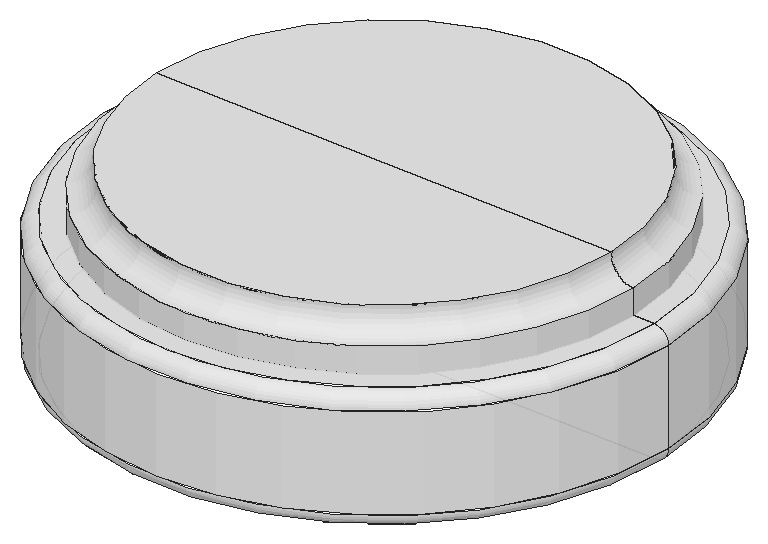
Revit family "3-648-xx - Rhythm Ceiling Mount", category Lighting Fixtures, host Ceiling, Revit 2018
Family settings
  Host = Ceiling
  Round Connector Dimension = Use Diameter
  Part Type = Normal
  OmniClass Number = 23.80.70.11
  OmniClass Title = Luminaries for Internal Lighting
  Always vertical = Yes
  Cut with Voids When Loaded = No
  Light Source = Yes
  Shared = No
  Room Calculation Point = No
Parameters (values of type "3-648-6 / White - Matte White Acrylic")
  Wattage Comments = "1 x 10.1 W at 120 V"  # constant formula
  Wattage = 9.2903 W
  built-in parameter 1150110 = 1 (stored number, unit not read)
  Voltage Input = "120 V or 277 V - 50/60 Hz"  # constant formula
  Voltage = 120 V
  URL = "www.oxygenlighting.com"
  built-in parameter 1114217 = 1 (stored number, unit not read)
  built-in parameter 1150109 = 1 (stored number, unit not read)
  built-in parameter 1150134 = (empty or 0)
  built-in parameter 1150113 = 1 (stored number, unit not read)
  References = "Ref. 3 = 120 V / Ref. 37 = 277 V"  # constant formula
  Model = "3-648-xx / Rhythm Ceiling Mount"  # constant formula
  Metal Finish = 6 - White
  Manufacturer = "Oxygen Lighting and Fans"  # constant formula
  Main Diffuser = Matte White Acrylic
  Lumens = 1380 lm
  built-in parameter 1150115 = 1 (stored number, unit not read)
  built-in parameter 1150105 = 109.82 (stored number, unit not read)
  Light Source Symbol Size = 609.6 mm
  built-in parameter 1150137 = (empty or 0)
  built-in parameter 1150139 = (empty or 0)
  built-in parameter 1150112 = 1 (stored number, unit not read)
  built-in parameter 1150114 = 1 (stored number, unit not read)
  Lamp = "LED Array"  # constant formula
  built-in parameter 1150132 = 2
  built-in parameter 1150102 = (empty or 0)
  built-in parameter 1150138 = (empty or 0)
  built-in parameter 1150107 = 3000 (stored number, unit not read)
  built-in parameter 1150106 = 1.0982 (stored number, unit not read)
  built-in parameter 1150104 = 13.8 (stored number, unit not read)
  Dimming Lamp Color Temperature Shift = <None>
  Color Filter = 16777215
  built-in parameter 1114218 = 1 (stored number, unit not read)
  built-in parameter 1150133 = 10 (stored number, unit not read)
Reference planes
  plane 1 "Light Source Axis (F/B)": y = 0
  plane 2: z = 0
  plane 3 "Light Source Axis (L/R)": x = 0
  plane 4 "Ceiling": z = 4000
  plane 5 "Light Source Elevation": z = 3950
Dimensions and locks
  equal spacing: host sketch curve, plane 3 "Light Source Axis (L/R)", host sketch curve
  equal spacing: host sketch curve, plane 1 "Light Source Axis (F/B)", host sketch curve
  host sketch curve to host sketch curve = 4000 mm  (x2)
  plane 4 "Ceiling" to host ceiling = 0 mm
  locked: plane 5 "Light Source Elevation" to plane 4 "Ceiling" at 50
  aligned and locked: plane 3 "Light Source Axis (L/R)" to imposter light
  aligned and locked: plane 1 "Light Source Axis (F/B)" to imposter light
  aligned and locked: plane 5 "Light Source Elevation" to imposter light
  aligned and locked: plane 3 "Light Source Axis (L/R)" to nested 1
  aligned and locked: plane 1 "Light Source Axis (F/B)" to nested 1
  aligned and locked: plane 4 "Ceiling" to nested 1
Nested families
  nested 1: "Base" at (0, 0, 4000), type "Base"
Connectors
  electrical at (0, 0, 4000), driven by "Voltage"
    settings: on nested 1, index 1, voltage 120 V, apparent load 0 VA, apparent load phase1 0 VA, apparent load phase2 0 VA, apparent load phase3 0 VA, power factor 1, load classification "Other", number of poles 1, system type 31, power factor state 1, is connector primary yes, connector utility no, sub classification motor no, connector description ""
Definition of nested family "Base"
  Parameters (values of type "Family1")
    Metal Finish = none
    Main Diffuser = none
  Reference planes
    plane 1 "Center (Front/Back)": y = 0
    plane 2: z = 0
    plane 3 "Center (Left/Right)": x = 0
  Forms (mm)
    Revolve 1, solid, material <- "Main Diffuser"
      sketch origin (0, 0, 0) x (1, 0, 0) y (0, 0, 1)
        loop
          arc (-120.65, -22.183) -> (-125.14, -24.043) -> (-127, -28.533) r 6.35
          line (-127, -28.533) -> (-127, -69.85)
          arc (-127, -69.85) -> (-125.14, -74.34) -> (-120.65, -76.2) r 6.35
          line (-120.65, -76.2) -> (0, -76.2) -> (0, -22.183) -> (-120.65, -22.183)
        axis (0, -22.183) -> (0, -76.2)
      angle from 0 to 360
    Revolve 2, solid, material <- "Metal Finish"
      sketch origin (0, 0, 0) x (1, 0, 0) y (0, 0, 1)
        loop
          line (-111.167, -22.183) -> (0, -22.183) -> (0, 0) -> (-101.6, 0)
          arc (-101.6, 0) -> (-103.844, -7.737) -> (-111.167, -11.091) r 9.672
          line (-111.167, -11.091) -> (-111.167, -22.183)
        axis (0, 0) -> (0, -22.183)
      angle from 0 to 360
  Dimensions and locks
    aligned and locked: level to plane 2
